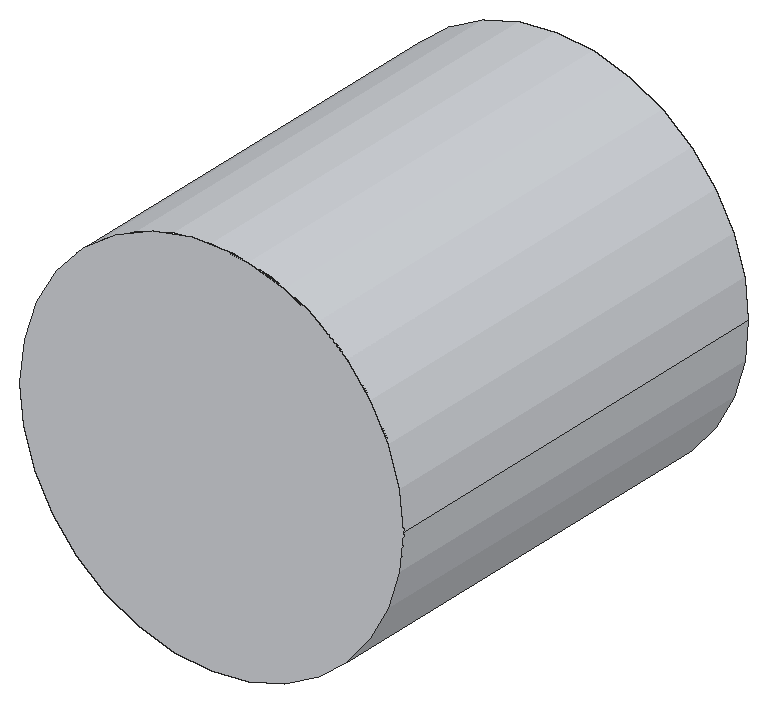
Revit family "PA_ROUND-ANGLE-VALVE_LECICO_PC", category Pipe Accessories, Revit 2015
Parameters (values of type "Lecico Round Angle Valve")
  URL = "http://www.lecicosa.co.za/products/neon-round-angle-valve/"
  Manufacturer = "Lecico"
  Description = "Round Angle Valve"
  Created By = "Tolani Civil Projects cc"
Reference planes
  plane 1 "Center (Front/Back)": y = 0
  plane 2: z = 0
  plane 3 "Center (Left/Right)": x = 0
  plane 4: y = 0
Forms (mm)
  Extrusion 1, solid
    sketch origin (0, 0, 0) x (1, 0, 0) y (0, 0, 1)
      loop
        circle (0, 0) r 8
    from -18 to 0
Dimensions and locks
  locked: import instance to plane 3 "Center (Left/Right)" at 37.944  (x2)
  locked: plane 2 to import instance at 1.919
  aligned and locked: level to plane 2
  aligned and locked: plane 4 to plane 1 "Center (Front/Back)"
  aligned and locked: plane 1 "Center (Front/Back)" to import instance
  aligned and locked: plane 3 "Center (Left/Right)" to Extrusion 1 sketch curve
  aligned and locked: plane 2 to Extrusion 1 sketch curve
  aligned and locked: Extrusion 1 to import instance
  aligned and locked: plane 1 "Center (Front/Back)" to Extrusion 1
Connectors
  piping at (0, 18, 0), diameter 16
    settings: on Extrusion 1, index 1, connector inside diameter 609.6 mm, connector length 0 mm, flow factor 0, pipe flow 0.0 L/s, pressure drop 0.0 Pa, fitting loss kfactor 0, connector angle 0.00°, fixture units 0, engagement length 0 mm, angle of deflection 0.00°, flow configuration 0, flow direction 0, fitting loss method 0, system type 20, joint type 0, gender type 0, connector reference index -1, connector utility 0, adjustable connector no, is connector primary yes, connector description ""
